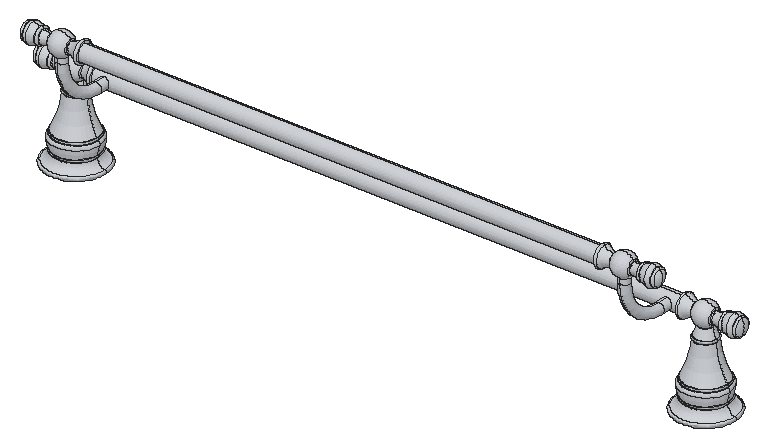
Revit family "Accessory-Towel_Bar-KOHLER-REVIVAL-K-98106T", category Specialty Equipment, host Face, Revit 2017 (continued)
Definition of nested family "K-98106T"
  Lines and regions (in)
    symbolic lines, detail levels medium+fine
      curve 99: line (12.4126, 0, 3.5025) -> (12.4126, 0, 3.0575)
      curve 100: line (12.32819, 0, 3.50242) -> (12.32819, 0, 3.05758)
      curve 101: line (11.64819, 0, 3.37191) -> (11.64819, 0, 3.18809)
      curve 102: line (11.59829, 0, 3.37191) -> (11.59829, 0, 3.18809)
      curve 103: line (11.16929, 0, 3.59102) -> (11.16929, 0, 2.96898)
      curve 104: line (12.249, 0, 2.92401) -> (11.72738, 0, 2.92401)
      curve 105: line (10.90551, 0, 3.59102) -> (10.51181, 0, 3.59102)
      curve 106: line (-13.07864, 0, 0.12) -> (-10.89774, 0, 0.12)
      curve 107: line (-13.36008, 0, 3.5854) -> (-13.36008, 0, 2.9746)
      curve 108: line (-12.4126, 0, 3.5025) -> (-12.4126, 0, 3.0575)
      curve 109: line (-12.32819, 0, 3.50242) -> (-12.32819, 0, 3.05758)
      curve 110: line (-11.64819, 0, 3.37191) -> (-11.64819, 0, 3.18809)
      curve 111: line (-11.59829, 0, 3.37191) -> (-11.59829, 0, 3.18809)
      curve 112: line (-11.16929, 0, 3.59102) -> (-11.16929, 0, 2.96898)
      curve 113: line (-12.249, 0, 2.92401) -> (-11.72738, 0, 2.92401)
      curve 114: line (-10.90551, 0, 3.59102) -> (-10.51181, 0, 3.59102)
      curve 115: line (12.04657, 0, 5.79742) -> (12.04657, 0, 5.2262)
      curve 116: line (11.09882, 0, 5.7151) -> (11.09882, 0, 5.30852)
      curve 117: line (11.04882, 0, 5.7151) -> (11.04882, 0, 5.30852)
      curve 118: line (10.3685, 0, 5.71571) -> (10.3685, 0, 5.30792)
      curve 119: line (10.31634, 0, 5.71571) -> (10.31634, 0, 5.30792)
      curve 120: line (9.94425, 0, 5.8927) -> (9.94425, 0, 5.13092)
      curve 121: line (9.84852, 0, 5.82284) -> (9.84852, 0, 5.20079)
      curve 122: line (10.90551, 0, 5.12736) -> (10.51181, 0, 5.12736)
      curve 123: line (-12.04657, 0, 5.79742) -> (-12.04657, 0, 5.2262)
      curve 124: line (-11.09882, 0, 5.7151) -> (-11.09882, 0, 5.30852)
      curve 125: line (-11.04882, 0, 5.7151) -> (-11.04882, 0, 5.30852)
      curve 126: line (-10.3685, 0, 5.71571) -> (-10.3685, 0, 5.30792)
      curve 127: line (-10.31634, 0, 5.71571) -> (-10.31634, 0, 5.30792)
      curve 128: line (-9.94425, 0, 5.8927) -> (-9.94425, 0, 5.13092)
      curve 129: line (-9.84852, 0, 5.82284) -> (-9.84852, 0, 5.20079)
      curve 130: line (-10.90551, 0, 5.12736) -> (-10.51181, 0, 5.12736)
      curve 131: circle (0, 0, 3.28) r 0.40033 normal (1, 0, 0)
      curve 132: circle (0, 0, 3.28) r 0.31102 normal (1, 0, 0)
      curve 133: circle (0, 0, 3.28) r 0.27934 normal (1, 0, 0)
      curve 134: arc (0, -0.39305, 3.47685) -> (0, -0.43959, 3.28) -> (0, -0.39305, 3.08315) r 0.43959
      curve 135: line (0, 1.08191, 0.12) -> (0, -1.09045, 0.12)
      curve 136: line (0, -2.08661, 5.12606) -> (0, -2.48031, 5.12606)
      curve 137: line (0, 0.26149, 2.92395) -> (0, 0.18299, 2.92395)
      curve 138: circle (0, -2.28346, 5.51181) r 0.38089 normal (1, 0, 0)
      curve 139: circle (0, -2.28346, 5.51181) r 0.31102 normal (1, 0, 0)
      curve 140: circle (0, -2.28346, 5.51181) r 0.27808 normal (1, 0, 0)
      curve 141: line (11.1673, 0, 0.45711) -> (12.80908, 0, 0.45711)
      curve 142: line (11.15954, 0, 0.56216) -> (12.81684, 0, 0.56216)
      curve 143: line (11.1507, 0, 0.53443) -> (12.82567, 0, 0.53443)
      curve 144: line (12.82414, 0, 0.48515) -> (11.15224, 0, 0.48515)
      curve 145: line (11.14972, 0, 1.04912) -> (12.82666, 0, 1.04912)
      curve 146: line (11.1556, 0, 1.07795) -> (12.82078, 0, 1.07795)
      curve 147: line (11.17036, 0, 1.11728) -> (12.80601, 0, 1.11728)
      curve 148: line (11.19337, 0, 1.13868) -> (12.78301, 0, 1.13868)
      curve 149: line (11.57308, 0, 2.5296) -> (12.39379, 0, 2.5296)
      curve 150: line (11.56277, 0, 2.47419) -> (12.41361, 0, 2.47419)
      curve 151: line (11.57663, 0, 2.44787) -> (12.39975, 0, 2.44787)
      curve 152: line (11.59832, 0, 2.54801) -> (12.37473, 0, 2.54801)
      curve 153: line (13.24169, 0, 3.60595) -> (13.24169, 0, 2.95405)
      curve 154: line (13.2749, 0, 3.60281) -> (13.2749, 0, 2.95719)
      curve 155: line (12.84172, 0, 3.60105) -> (12.84172, 0, 2.95895)
      curve 156: line (12.80654, 0, 3.60659) -> (12.80654, 0, 2.95341)
      curve 157: line (12.72299, 0, 3.5703) -> (12.72299, 0, 2.99235)
      curve 158: line (12.70613, 0, 3.54672) -> (12.70613, 0, 3.01328)
      curve 159: line (-13.24169, 0, 3.60595) -> (-13.24169, 0, 2.95405)
      curve 160: line (-13.2749, 0, 3.60281) -> (-13.2749, 0, 2.95719)
      curve 161: line (-12.84172, 0, 3.60105) -> (-12.84172, 0, 2.95895)
      curve 162: line (-12.80654, 0, 3.60659) -> (-12.80654, 0, 2.95341)
      curve 163: line (-12.70613, 0, 3.54672) -> (-12.70613, 0, 3.01328)
      curve 164: line (-11.1673, 0, 0.45711) -> (-12.80908, 0, 0.45711)
      curve 165: line (-11.15954, 0, 0.56216) -> (-12.81684, 0, 0.56216)
      curve 166: line (-11.1507, 0, 0.53443) -> (-12.82567, 0, 0.53443)
      curve 167: line (-12.82414, 0, 0.48515) -> (-11.15224, 0, 0.48515)
      curve 168: line (-11.14972, 0, 1.04912) -> (-12.82666, 0, 1.04912)
      curve 169: line (-11.1556, 0, 1.07795) -> (-12.82078, 0, 1.07795)
      curve 170: line (-11.17036, 0, 1.11728) -> (-12.80601, 0, 1.11728)
      curve 171: line (-11.19337, 0, 1.13868) -> (-12.78301, 0, 1.13868)
      curve 172: line (-11.57308, 0, 2.5296) -> (-12.39379, 0, 2.5296)
      curve 173: line (-11.56277, 0, 2.47419) -> (-12.41361, 0, 2.47419)
      curve 174: line (-11.57663, 0, 2.44787) -> (-12.39975, 0, 2.44787)
      curve 175: line (-11.59832, 0, 2.54801) -> (-12.37473, 0, 2.54801)
      curve 176: line (-11.96105, 0, 5.81539) -> (-11.96105, 0, 5.20823)
      curve 177: line (-11.92751, 0, 5.8186) -> (-11.92751, 0, 5.20502)
      curve 178: line (-11.52878, 0, 5.81337) -> (-11.52878, 0, 5.21026)
      curve 179: line (-11.49255, 0, 5.81884) -> (-11.49255, 0, 5.20478)
      curve 180: line (-11.41018, 0, 5.78676) -> (-11.41018, 0, 5.23686)
      curve 181: line (-11.38801, 0, 5.75802) -> (-11.38801, 0, 5.26561)
      curve 182: line (11.96105, 0, 5.81539) -> (11.96105, 0, 5.20823)
      curve 183: line (11.92751, 0, 5.8186) -> (11.92751, 0, 5.20502)
      curve 184: line (11.52878, 0, 5.81337) -> (11.52878, 0, 5.21026)
      curve 185: line (11.49255, 0, 5.81884) -> (11.49255, 0, 5.20478)
      curve 186: line (11.41018, 0, 5.78676) -> (11.41018, 0, 5.23686)
      curve 187: line (11.38801, 0, 5.75802) -> (11.38801, 0, 5.26561)
      curve 188: line (0, 0.82082, 0.45759) -> (0, -0.82082, 0.45759)
      curve 189: line (0, -0.83573, 0.48495) -> (0, 0.83573, 0.48495)
      curve 190: line (0, 0.83783, 0.53322) -> (0, -0.83783, 0.53322)
      curve 191: line (0, 0.82845, 0.56243) -> (0, -0.82845, 0.56243)
      curve 192: line (0, 0.83942, 1.048) -> (0, -0.83942, 1.048)
      curve 193: line (0, 0.83256, 1.07882) -> (0, -0.83256, 1.07882)
      curve 194: line (0, 0.81749, 1.11819) -> (0, -0.81749, 1.11819)
      curve 195: line (0, 0.79476, 1.13992) -> (0, -0.79476, 1.13992)
      curve 196: line (0, 0.42609, 2.47345) -> (0, -0.42609, 2.47345)
      curve 197: line (0, 0.41194, 2.44605) -> (0, -0.41194, 2.44605)
      curve 198: line (0, 0.41612, 2.5293) -> (0, -0.41612, 2.5293)
      curve 199: line (0, 0.39008, 2.54893) -> (0, -0.39008, 2.54893)
      curve 200: line (0, -0.18299, 2.92395) -> (0, -0.26149, 2.92395)
      curve 201: arc (-12.72683, 0.3112, 0) -> (-12.03001, 0.80458, 0) -> (-11.28543, 0.38674, 0) r 0.79892
      curve 202: arc (-12.72683, -0.3112, 0) -> (-12.03001, -0.80458, 0) -> (-11.28543, -0.38674, 0) r 0.79892
      curve 203: arc (12.72683, 0.3112, 0) -> (12.03001, 0.80458, 0) -> (11.28543, 0.38674, 0) r 0.79892
      curve 204: arc (12.72683, -0.3112, 0) -> (12.03001, -0.80458, 0) -> (11.28543, -0.38674, 0) r 0.79892
      curve 205: line (-13.27553, 0.32329, 0) -> (-13.27553, -0.32329, 0)
      curve 206: line (-13.24136, 0.32656, 0) -> (-13.24136, -0.32656, 0)
      curve 207: line (-12.84148, 0.32144, 0) -> (-12.84148, -0.32144, 0)
      curve 208: line (-12.80562, 0.32712, 0) -> (-12.80562, -0.32712, 0)
      curve 209: line (-12.72312, 0.29208, 0) -> (-12.72312, -0.29208, 0)
      curve 210: line (-12.70413, 0.26629, 0) -> (-12.70413, -0.26629, 0)
      curve 211: line (-11.16929, 0.31102, 0) -> (-11.16929, -0.31102, 0)
      curve 212: line (13.27553, 0.32329, 0) -> (13.27553, -0.32329, 0)
      curve 213: line (13.24136, 0.32656, 0) -> (13.24136, -0.32656, 0)
      curve 214: line (12.84148, 0.32144, 0) -> (12.84148, -0.32144, 0)
      curve 215: line (12.80562, 0.32712, 0) -> (12.80562, -0.32712, 0)
      curve 216: line (12.72312, 0.29208, 0) -> (12.72312, -0.29208, 0)
      curve 217: line (12.70413, 0.26629, 0) -> (12.70413, -0.26629, 0)
      curve 218: line (11.16929, 0.31102, 0) -> (11.16929, -0.31102, 0)
      curve 219: line (11.96248, -1.97927, 0) -> (11.96248, -2.58766, 0)
      curve 220: line (11.92725, -1.97597, 0) -> (11.92725, -2.59096, 0)
      curve 221: line (11.52472, -1.9827, 0) -> (11.52472, -2.58423, 0)
      curve 222: line (11.49425, -1.97731, 0) -> (11.49425, -2.58962, 0)
      curve 223: line (11.40948, -2.00953, 0) -> (11.40948, -2.5574, 0)
      curve 224: line (11.38803, -2.03717, 0) -> (11.38803, -2.52976, 0)
      curve 225: line (-11.96248, -1.97927, 0) -> (-11.96248, -2.58766, 0)
      curve 226: line (-11.92725, -1.97597, 0) -> (-11.92725, -2.59096, 0)
      curve 227: line (-11.52472, -1.9827, 0) -> (-11.52472, -2.58423, 0)
      curve 228: line (-11.49425, -1.97731, 0) -> (-11.49425, -2.58962, 0)
      curve 229: line (-11.40948, -2.00953, 0) -> (-11.40948, -2.5574, 0)
      curve 230: line (-11.38803, -2.03717, 0) -> (-11.38803, -2.52976, 0)
      curve 231: line (11.24723, 0.41687, 0) -> (11.24723, -0.41687, 0)
      curve 232: line (-11.24723, 0.41687, 0) -> (-11.24723, -0.41687, 0)
      curve 233: line (11.2441, 0, 3.69954) -> (11.2441, 0, 2.86046)
      curve 234: line (-11.2441, 0, 3.69954) -> (-11.2441, 0, 2.86046)
  Dimensions and locks (in)
    aligned and locked: plane 2 to level
Types (3): name | Type | Product Page URL | Product Documentation Link | Model | Finish
  (no name) | 1 | "https://www.kohler.com.cn/product/K-98106T-CP/K-98106T-CP/" | "https://files.kohler.com.cn/pdfs/k_98106t.pdf" | "K-98106T-CP" | Kohler-Metal-CP-Polished_Chrome
  CP-Polished Chrome | 1 | "https://www.kohler.com.cn/product/K-98106T-CP/K-98106T-CP/" | "https://files.kohler.com.cn/pdfs/k_98106t.pdf" | "K-98106T-CP" | Kohler-Metal-CP-Polished_Chrome
  AF-Flange Gold | 2 | "https://www.kohler.com.cn/product/K-98106T-CP/K-98106T-AF/" | "https://files.kohler.com.cn/pdfs/98106t.pdf" | "K-98106T-AF" | Kohler-Metal-AF-Vibrant_French_Gold
